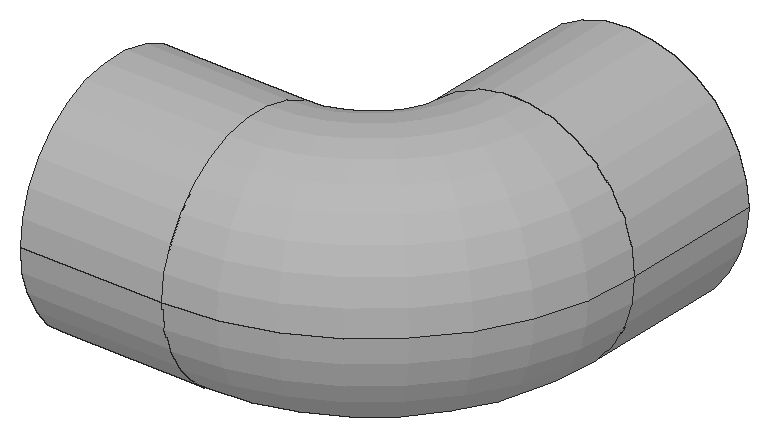
Revit family "WAGNER_Угол_90.45", category Соединительные детали трубопроводов, Revit 2017
Family settings
  Размер круглого соединителя = Использовать диаметр
  Тип детали = Отвод
  Номер OmniClass = 23.60.30.11.14
  Заголовок OmniClass = Pipework Fittings
  На основе рабочей плоскости = Нет
  Всегда вертикально = Да
  При загрузке вырезать с полостями = Нет
  Общий = Да
Parameters (values of type "WAGNER_Угол_90_PVC")
  угол = if(WAGNER_Variation = 1, 90.00°, if(WAGNER_Variation = 2, 45.00°, if(WAGNER_Variation = 3, 90.00°, if(WAGNER_Variation = 4, 45.00°, 90.00°))))  # 90.00°
  Описание = ADSK_Наименование  # "Угол 90 PVC"
  Изготовитель = [ADSK_Завод-изготовитель]  # "WAGNER"
  r1 [instance] = d1 * 0.6  # 19.2 mm
  l2 [instance] = dn * 0.2  # 5 mm
  l1 [instance] = if(dn = 25 mm, 19 mm, if(dn = 32 mm, 24 mm, if(dn = 40 mm, 30 mm, 0 mm)))  # 19 mm
  dv [instance] = if(dn = 25 mm, 21.2 mm, if(dn = 32 mm, 28.4 mm, if(dn = 40 mm, 36.2 mm, 0 mm)))  # 21.2 mm
  dn [instance] = 25 mm
  d1 [instance] = if(dn = 25 mm, 32 mm, if(dn = 32 mm, 40 mm, if(dn = 40 mm, 50 mm, 0 mm)))  # 32 mm
  bimon.ru = "bimon.ru"
  alpha [instance] = if(and(угол > 0.00°, угол < 60.00°), 45.00°, 90.00°)  # 90.00°
  WAGNER_Тип = if(WAGNER_Variation = 1, "Typ 2519-W90", if(WAGNER_Variation = 2, "Typ 2519-W45", if(WAGNER_Variation = 3, "Typ ABSR 2518-W90", if(WAGNER_Variation = 4, "Typ ABSR 2518-W45", "0"))))  # "Typ 2519-W90"
  WAGNER_Температурный режим. = "от -20℃ до +60℃"  # constant formula
  WAGNER_Название = if(WAGNER_Variation = 1, "Угол 90 PVC", if(WAGNER_Variation = 2, "Угол 45 PVC", if(WAGNER_Variation = 3, "Угол 90 ABSR", if(WAGNER_Variation = 4, "Угол 45 ABSR", "0"))))  # "Угол 90 PVC"
  WAGNER_Артикул = if(WAGNER_Variation = 1, "01-10-9020", if(WAGNER_Variation = 2, "01-10-9030", if(WAGNER_Variation = 3, "01-10-9220", if(WAGNER_Variation = 4, "01-10-9230", "0"))))  # "01-10-9020"
  WAGNER_Variation = 1
  Uniclass Title = "Pipe fitting"  # constant formula
  Uniclass Code = "Ac_10_40_63"  # constant formula
  URL = "www.wagner-russia.com"
  UNSPSC Title = "Plumbing connectors"  # constant formula
  UNSPSC Code = "40141720"  # constant formula
  OmniClass Title = "Pipe Expansion Joints"  # constant formula
  OmniClass Code = "23-27 43 15"  # constant formula
  Masterformat Title = "Pipe and pumps"  # constant formula
  Masterformat Code = "22 01 10"  # constant formula
  IFC Classification = ""
  COBie Category = "Pipework Fittings"  # constant formula
  ADSK_Размер_Ширина = 0 mm
  ADSK_Размер_Длина = 0 mm
  ADSK_Размер_Высота = 0 mm
  ADSK_Наименование краткое = WAGNER_Название  # "Угол 90 PVC"
  ADSK_Наименование = WAGNER_Название  # "Угол 90 PVC"
  ADSK_Материал = WAGNER_PVC
  ADSK_Масса_Текст = ""
  ADSK_Марка = WAGNER_Тип  # "Typ 2519-W90"
  ADSK_Код изделия = "-"  # constant formula
  ADSK_Завод-изготовитель = "WAGNER"  # constant formula
  ADSK_Единица измерения = "шт."  # constant formula
  ADSK_Дата изменения = "18.07.20"  # constant formula
  ADSK_Версия семейства = "Версия 1"  # constant formula
  ADSK_Версия Revit = "Revit 2017"  # constant formula
  ADSK_URL страницы изделия = "https://ru.wagnergroup.com/systeme/brandfrueherkennung-mit-titanusr-ansaugrauchmeldern.html"
  ADSK_URL документации изделия = "https://ru.wagnergroup.com/ru/centr-zagruzki/katalog.html"
Types (4, lengths in mm): name | угол | Описание | alpha | WAGNER_Тип | WAGNER_Название | WAGNER_Артикул | WAGNER_Variation | ADSK_Наименование краткое | ADSK_Наименование | ADSK_Материал | ADSK_Марка
  WAGNER_Угол_90_ABSR | 90.00° | "Угол 90 ABSR" | 90.00° | "Typ ABSR 2518-W90" | "Угол 90 ABSR" | "01-10-9220" | 3 | "Угол 90 ABSR" | "Угол 90 ABSR" | WAGNER_ABS | "Typ ABSR 2518-W90"
  WAGNER_Угол_45_ABSR | 45.00° | "Угол 45 ABSR" | 45.00° | "Typ ABSR 2518-W45" | "Угол 45 ABSR" | "01-10-9230" | 4 | "Угол 45 ABSR" | "Угол 45 ABSR" | WAGNER_ABS | "Typ ABSR 2518-W45"
  WAGNER_Угол_90_PVC | 90.00° | "Угол 90 PVC" | 90.00° | "Typ 2519-W90" | "Угол 90 PVC" | "01-10-9020" | 1 | "Угол 90 PVC" | "Угол 90 PVC" | WAGNER_PVC | "Typ 2519-W90"
  WAGNER_Угол_45_PVC | 45.00° | "Угол 45 PVC" | 45.00° | "Typ 2519-W45" | "Угол 45 PVC" | "01-10-9030" | 2 | "Угол 45 PVC" | "Угол 45 PVC" | WAGNER_PVC | "Typ 2519-W45"
Reference planes
  plane 1 "По центру (Вперед/Назад)": y = -115
  plane 2: z = 0
  plane 3 "По центру (Влево/Вправо)": x = -926.101
  plane 4: x = -945.301
  plane 5: y = -95.8
Forms (mm)
  Sweep 1, solid, material "WAGNER_PVC" <- "ADSK_Материал"
    path origin (0, 0, 0) x (1, 0, 0) y (0, 1, 0)
      loop
        line (-964.301, -115) -> (-945.301, -115)
        arc (-945.301, -115) -> (-931.725, -109.376) -> (-926.101, -95.8) r 19.2
        line (-926.101, -95.8) -> (-926.101, -76.8)
    profile origin (-954.801, -115, 0) x (0, 1, 0) y (0, 0, 1)
      loop
        circle (0, 0) r 16
      loop
        circle (0, 0) r 12.5
  Sweep 2, solid, material "WAGNER_PVC" <- "ADSK_Материал"
    path origin (0, 0, 0) x (1, 0, 0) y (0, 1, 0)
      loop
        line (-926.101, -90.8) -> (-926.101, -95.8)
        arc (-926.101, -95.8) -> (-931.725, -109.376) -> (-945.301, -115) r 19.2
        line (-945.301, -115) -> (-950.301, -115)
    profile origin (-947.801, -115, 0) x (0, -1, 0) y (0, 0, 1)
      loop
        circle (0, 0) r 10.6
      loop
        circle (0, 0) r 12.5
Dimensions and locks
  "r1": plane 4 to plane 3 "По центру (Влево/Вправо)"
  "r1": plane 5 to plane 1 "По центру (Вперед/Назад)"
  "l1": Sweep 1 sketch curve to Sweep 1 sketch curve  (x2)
  "l2": Sweep 2 sketch curve to Sweep 2 sketch curve  (x2)
  "d1": diameter of Sweep 1 sketch curve
  "dn": diameter of Sweep 1 sketch curve
  "r1": radius of Sweep 1 sketch curve
  "dv": diameter of Sweep 2 sketch curve
  "dn": diameter of Sweep 2 sketch curve
  "r1": radius of Sweep 2 sketch curve
  "alpha": angle Sweep 1 sketch curve to Sweep 1 sketch curve
  "alpha": angle Sweep 2 sketch curve to Sweep 2 sketch curve
  aligned and locked: level to plane 2
  aligned and locked: plane 5 to Sweep 1 sketch curve
  aligned and locked: plane 4 to Sweep 1 sketch curve  (x2)
  aligned and locked: plane 4 to Sweep 2 sketch curve  (x2)
  aligned and locked: plane 5 to Sweep 2 sketch curve
Automatic sketch dimensions
  Sweep 1 sketch curve to Sweep 1 sketch curve = 0 mm  (x2)
  Sweep 1 sketch curve to level = 0 mm
  Sweep 1 sketch curve to profile plane = 0 mm
  Sweep 2 sketch curve to Sweep 2 sketch curve = 0 mm  (x2)
  Sweep 2 sketch curve to level = 0 mm
  Sweep 2 sketch curve to profile plane = 0 mm
Connectors
  piping at (-950.301, -115, 0), diameter 25, driven by "dn", driven by "угол"
    settings: on Sweep 2, index 1, connector inside diameter 609.6 mm, connector length 0 mm, flow factor 0, pipe flow 0.0 m³/h, pressure drop 0.0 Pa, fitting loss kfactor 0, connector angle 90.00°, fixture units 0, engagement length 0 mm, angle of deflection 0.00°, flow configuration 0, flow direction 0, fitting loss method 0, system type 28, joint type 0, gender type 0, connector reference index 2, connector utility 0, adjustable connector no, is connector primary yes, connector description ""
  piping at (-926.101, -90.8, 0), diameter 25, driven by "dn", driven by "угол"
    settings: on Sweep 2, index 2, connector inside diameter 609.6 mm, connector length 0 mm, flow factor 0, pipe flow 0.0 m³/h, pressure drop 0.0 Pa, fitting loss kfactor 0, connector angle 90.00°, fixture units 0, engagement length 0 mm, angle of deflection 0.00°, flow configuration 0, flow direction 0, fitting loss method 0, system type 28, joint type 0, gender type 0, connector reference index 1, connector utility 0, adjustable connector no, is connector primary no, connector description ""
